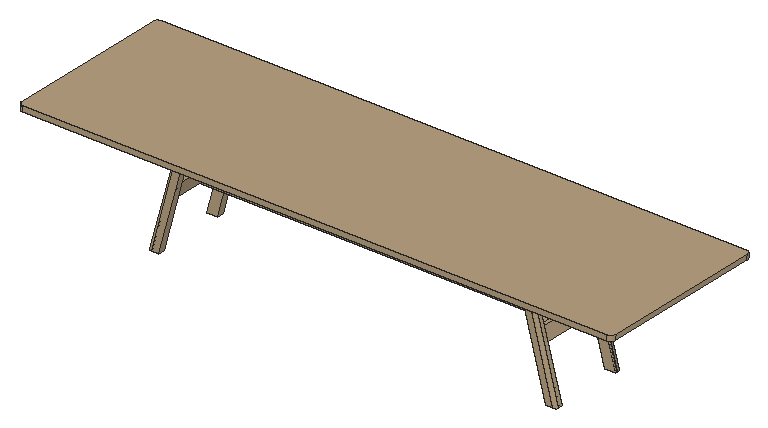
Revit family "Kant_Tables_BIM", category Arredi, Revit 2023
Family settings
  Numero OmniClass = 23.40.20.00
  Titolo OmniClass = General Furniture and Specialties
  Basato su piano di lavoro = No
  Attiva taglio nelle viste = No
  Sempre verticale = Sì
  Taglio con vuoti quando caricato = No
  Origine composizione di rendering = Geometria famiglia
  Condiviso = No
  Punto di calcolo locali = No
Parameters (values of type "CB-396")
  WIDTH = 3658 mm
  V-LEG OFFSET = 415 mm
  URL = "https://bassamfellows.com/"
  TECHNICAL SHEET = "https://bassamfellows.com/collections/kant-table"
  STRUCTURE MATERIAL = BASSAM_FELLOWS_OAK_O-NA
  PRODUCT SHEET = "https://www.archiproducts.com/en/products/bassamfellows/rectangular-solid-wood-counter-table-kant-counter-table_448122"
  PRODUCT CODE = "CB-396"
  Modello = "Kant Table 12 Seater"
  Produttore = "BassamFellows"
  MATERIAL DESCRIPTION = "Solid wood plank top with carved, solid wood base."  # constant formula
  HEIGHT = 720 mm
  FEET WIDTH (center) = 1124 mm
  Descrizione = "Rectangular solid wood table"
  Prospetto di default = 0 mm
  DEPTH = 1067 mm
  COLLECTION = "Kant"
  BIM USER MANUAL = "https://bimcad.edilportale.com/BASSAMFELLOWS-BIM-USER-MANUAL-BassamFellows-bim.pdf"
  BIM BADGE = "https://bim.archiproducts.com/it/badge/bim-archiproducts-featured_658700/about"
  BIM AUTHOR = "https://bim.archiproducts.com/"
  AVAILABLE FINISHES = "Ebonized black lacquer on Ash (EB) or bleached, white pigment, matte acrylic on Ash (BL). Raw effect lacquer on Oak (RE). Hand rubbed natural oil on Oak or Walnut (NA), or hand rubbed black oil on Walnut (BO)."  # constant formula
  AVAILABLE DIMENSIONS = ""
  ACCESSORIES = ""
  90H = no
  70H = yes
  N396 = no
  396 = yes
Types (6, lengths in mm): name | WIDTH | PRODUCT CODE | Modello | HEIGHT | FEET WIDTH (center) | DEPTH | 90H | 70H | N396 | 396
  CB-396 | 3658 | "CB-396" | "Kant Table 12 Seater" | 720 | 1124 | 1067 | no | yes | no | yes
  CB-395 | 2800 | "CB-395" | "Kant Table 10 Seater" | 720 | 950 | 1015 | no | yes | yes | no
  CB-394 | 2440 | "CB-394" | "Kant Table 8 Seater" | 720 | 700 | 1015 | no | yes | yes | no
  CB-393 | 2135 | "CB-393" | "Kant Table 6-8 Seater" | 720 | 570 | 915 | no | yes | yes | no
  CB-392 | 1830 | "CB-392" | "Kant Table 6 Seater" | 720 | 630 | 915 | no | yes | yes | no
  CB-393-90H | 2135 | "CB-393-90H" | "Kant Counter Table" | 900 | 570 | 915 | yes | no | no | no
Reference planes
  plane 1 "Center (Front/Back)": y = 0
  plane 2: z = 0
  plane 3 "Center (Left/Right)": x = 0
  plane 4 "TOP": z = 720
  plane 5: x = -1829
  plane 6: x = 1829
  plane 7: y = 533.5
  plane 8: y = -533.5
  plane 9 "INT1": y = -283.5
  plane 10 "INT2": y = 283.5
  plane 11 "FEET_SX": x = -1124
  plane 12 "FEET_DX": x = 1124
  plane 13: y = 207.5
  plane 14: y = -207.5
Forms (mm)
  Extrusion 1, solid, material "BASSAM_FELLOWS_OAK_O-NA", visible <- "70H", detail levels fine
    sketch origin (0, 0, 720) x (-1, 0, 0) y (0, -1, 0)
      loop
        arc (1799, -533.5) -> (1820.213, -524.713) -> (1829, -503.5) r 30
        line (1829, -503.5) -> (1829, 503.5)
        arc (1829, 503.5) -> (1820.213, 524.713) -> (1799, 533.5) r 30
        line (1799, 533.5) -> (-1799, 533.5)
        arc (-1799, 533.5) -> (-1820.213, 524.713) -> (-1829, 503.5) r 30
        line (-1829, 503.5) -> (-1829, -503.5)
        arc (-1829, -503.5) -> (-1820.213, -524.713) -> (-1799, -533.5) r 30
        line (-1799, -533.5) -> (1799, -533.5)
    from 0 to -29.925
  Extrusion 2, solid, not visible
    sketch origin (314.943, -207.5, 0) x (-1, 0, 0) y (0, 0, 1)
      loop
        line (794.943, 399) -> (819.091, 310) -> (863.645, 310) -> (842.502, 387.928)
        arc (842.502, 387.928) -> (837.138, 395.915) -> (828.025, 399) r 15
        line (828.025, 399) -> (794.943, 399)
    from 0 to 415
  Blend 3, solid, material "BASSAM_FELLOWS_OAK_O-NA" <- "STRUCTURE MATERIAL", visible <- "70H", detail levels fine
    base sketch origin (-694.136, 0, -5.517) x (1, 0, 0.000401) y (0, 1, 0)
      loop
        line (-496.501, -245.5) -> (-496.501, -207.5) -> (-562.246, -207.5) -> (-562.246, -225.5)
        arc (-562.246, -225.5) -> (-556.388, -239.642) -> (-542.246, -245.5) r 20
        line (-542.246, -245.5) -> (-496.501, -245.5)
    top sketch origin (-694.136, 0, -5.517) x (1, 0, 0.000401) y (0, 1, 0)
      loop
        arc (-374.739, -225.5) -> (-368.881, -239.642) -> (-354.739, -245.5) r 20
        line (-354.739, -245.5) -> (-308.994, -245.5) -> (-308.994, -207.5) -> (-374.739, -207.5) -> (-374.739, -225.5)
    from 0 to 695.202
  Blend 4, solid, material "BASSAM_FELLOWS_OAK_O-NA" <- "STRUCTURE MATERIAL", visible <- "70H", detail levels fine
    base sketch origin (-694.136, 0, -5.517) x (1, 0, 0.000401) y (0, 1, 0)
      loop
        line (-496.501, 245.5) -> (-542.246, 245.5)
        arc (-542.246, 245.5) -> (-556.388, 239.642) -> (-562.246, 225.5) r 20
        line (-562.246, 225.5) -> (-562.246, 207.5) -> (-496.501, 207.5) -> (-496.501, 245.5)
    top sketch origin (-694.136, 0, -5.517) x (1, 0, 0.000401) y (0, 1, 0)
      loop
        line (-374.739, 225.5) -> (-374.739, 207.5) -> (-308.994, 207.5) -> (-308.994, 245.5) -> (-354.739, 245.5)
        arc (-354.739, 245.5) -> (-368.881, 239.642) -> (-374.739, 225.5) r 20
    from 0 to 695.202
  Blend 5, solid, material "BASSAM_FELLOWS_OAK_O-NA" <- "STRUCTURE MATERIAL", visible <- "70H", not visible, detail levels fine
    base sketch origin (694.136, 0, -5.191) x (-1, 0, 0.000401) y (0, -1, 0)
      loop
        line (1160.772, 245.5) -> (1160.772, 207.5) -> (1226.518, 207.5) -> (1226.518, 225.5)
        arc (1226.518, 225.5) -> (1220.66, 239.642) -> (1206.518, 245.5) r 20
        line (1206.518, 245.5) -> (1160.772, 245.5)
    top sketch origin (694.136, 0, -5.191) x (-1, 0, 0.000401) y (0, -1, 0)
      loop
        arc (1039.011, 225.5) -> (1033.153, 239.642) -> (1019.011, 245.5) r 20
        line (1019.011, 245.5) -> (973.265, 245.5) -> (973.265, 207.5) -> (1039.011, 207.5) -> (1039.011, 225.5)
    from 0 to 695.202
  Blend 6, solid, material "BASSAM_FELLOWS_OAK_O-NA" <- "STRUCTURE MATERIAL", visible <- "70H", not visible, detail levels fine
    base sketch origin (694.136, 0, -5.191) x (-1, 0, 0.000401) y (0, -1, 0)
      loop
        line (1160.772, -245.5) -> (1206.518, -245.5)
        arc (1206.518, -245.5) -> (1220.66, -239.642) -> (1226.518, -225.5) r 20
        line (1226.518, -225.5) -> (1226.518, -207.5) -> (1160.772, -207.5) -> (1160.772, -245.5)
    top sketch origin (694.136, 0, -5.191) x (-1, 0, 0.000401) y (0, -1, 0)
      loop
        line (1039.011, -225.5) -> (1039.011, -207.5) -> (973.265, -207.5) -> (973.265, -245.5) -> (1019.011, -245.5)
        arc (1019.011, -245.5) -> (1033.153, -239.642) -> (1039.011, -225.5) r 20
    from 0 to 695.202
  Blend 7, solid, material "BASSAM_FELLOWS_OAK_O-NA" <- "STRUCTURE MATERIAL", visible <- "70H", not visible, detail levels fine
    base sketch origin (694.136, 0, -5.191) x (-1, 0, 0.000401) y (0, -1, 0)
      loop
        line (1160.772, 245.5) -> (1160.772, 207.5) -> (1226.518, 207.5) -> (1226.518, 225.516)
        arc (1226.518, 225.516) -> (1220.654, 239.648) -> (1206.518, 245.5) r 20
        line (1206.518, 245.5) -> (1160.772, 245.5)
    top sketch origin (694.136, 0, -5.191) x (-1, 0, 0.000401) y (0, -1, 0)
      loop
        arc (1039.011, 225.516) -> (1033.147, 239.648) -> (1019.011, 245.5) r 20
        line (1019.011, 245.5) -> (973.265, 245.5) -> (973.265, 207.5) -> (1039.011, 207.5) -> (1039.011, 225.516)
    from 0 to 695.202
  Blend 8, solid, material "BASSAM_FELLOWS_OAK_O-NA" <- "STRUCTURE MATERIAL", visible <- "70H", not visible, detail levels fine
    base sketch origin (694.136, 0, -5.191) x (-1, 0, 0.000401) y (0, -1, 0)
      loop
        line (1160.772, -245.5) -> (1206.518, -245.5)
        arc (1206.518, -245.5) -> (1220.666, -239.636) -> (1226.518, -225.484) r 20
        line (1226.518, -225.484) -> (1226.518, -207.5) -> (1160.772, -207.5) -> (1160.772, -245.5)
    top sketch origin (694.136, 0, -5.191) x (-1, 0, 0.000401) y (0, -1, 0)
      loop
        line (1039.011, -225.484) -> (1039.011, -207.5) -> (973.265, -207.5) -> (973.265, -245.5) -> (1019.011, -245.5)
        arc (1019.011, -245.5) -> (1033.158, -239.636) -> (1039.011, -225.484) r 20
    from 0 to 695.202
  Blend 9, solid, material "BASSAM_FELLOWS_OAK_O-NA" <- "STRUCTURE MATERIAL", visible <- "70H", detail levels fine
    base sketch origin (694.136, 0, -5.191) x (-1, 0, 0.000401) y (0, -1, 0)
      loop
        line (-496.501, 245.5) -> (-542.246, 245.5)
        arc (-542.246, 245.5) -> (-556.388, 239.642) -> (-562.246, 225.5) r 20
        line (-562.246, 225.5) -> (-562.246, 207.5) -> (-496.501, 207.5) -> (-496.501, 245.5)
    top sketch origin (694.136, 0, -5.191) x (-1, 0, 0.000401) y (0, -1, 0)
      loop
        line (-374.739, 225.5) -> (-374.739, 207.5) -> (-308.994, 207.5) -> (-308.994, 245.5) -> (-354.739, 245.5)
        arc (-354.739, 245.5) -> (-368.881, 239.642) -> (-374.739, 225.5) r 20
    from 0 to 695.202
  Blend 10, solid, material "BASSAM_FELLOWS_OAK_O-NA" <- "STRUCTURE MATERIAL", visible <- "70H", detail levels fine
    base sketch origin (694.136, 0, -5.191) x (-1, 0, 0.000401) y (0, -1, 0)
      loop
        line (-496.501, -245.5) -> (-496.501, -207.5) -> (-562.246, -207.5) -> (-562.246, -225.5)
        arc (-562.246, -225.5) -> (-556.388, -239.642) -> (-542.246, -245.5) r 20
        line (-542.246, -245.5) -> (-496.501, -245.5)
    top sketch origin (694.136, 0, -5.191) x (-1, 0, 0.000401) y (0, -1, 0)
      loop
        arc (-374.739, -225.5) -> (-368.881, -239.642) -> (-354.739, -245.5) r 20
        line (-354.739, -245.5) -> (-308.994, -245.5) -> (-308.994, -207.5) -> (-374.739, -207.5) -> (-374.739, -225.5)
    from 0 to 695.202
  Extrusion 11, solid, material "BASSAM_FELLOWS_OAK_O-NA", visible <- "70H", detail levels fine
    sketch origin (-1124, 0, 0) x (0, 1, 0) y (0, 0, 1)
      loop
        line (19, 398.709) -> (-19, 398.709) -> (-19, 309.709) -> (19, 309.709) -> (19, 398.709)
    from 0 to 2248
  Extrusion 12, solid, material "BASSAM_FELLOWS_OAK_O-NA", visible <- "70H", detail levels fine
    sketch origin (-3120.648, -207.5, 1200) x (-1, 0, 0) y (0, 0, 1)
      loop
        line (-1394.21, -506) -> (-4847.085, -506) -> (-4847.085, -532.477)
        arc (-4847.085, -532.477) -> (-4843.599, -541.368) -> (-4834.998, -545.52) r 13.081
        line (-4834.998, -545.52) -> (-4244.648, -576) -> (-1996.648, -576) -> (-1405.663, -545.471)
        arc (-1405.663, -545.471) -> (-1397.513, -541.538) -> (-1394.21, -533.113) r 12.394
        line (-1394.21, -533.113) -> (-1394.21, -506)
    from 0 to 30
  Extrusion 13, solid, material "BASSAM_FELLOWS_OAK_O-NA", visible <- "70H", detail levels fine
    sketch origin (-3120.648, 207.5, 1200) x (-1, 0, 0) y (0, 0, 1)
      loop
        line (-1394.21, -506) -> (-4847.085, -506) -> (-4847.085, -532.477)
        arc (-4847.085, -532.477) -> (-4843.599, -541.368) -> (-4834.998, -545.52) r 13.081
        line (-4834.998, -545.52) -> (-4244.648, -576) -> (-1996.648, -576) -> (-1405.663, -545.471)
        arc (-1405.663, -545.471) -> (-1397.513, -541.538) -> (-1394.21, -533.113) r 12.394
        line (-1394.21, -533.113) -> (-1394.21, -506)
    from 0 to -30
  Extrusion 14, solid, material "BASSAM_FELLOWS_OAK_O-NA", visible <- "N396", detail levels fine
    sketch origin (0, 0, 0) x (0, 1, 0) y (0, 0, 1)
      loop
        line (177.5, 654.529) -> (0, 403.767) -> (-177.5, 654.529) -> (-207.5, 654.529) -> (0, 349.063) -> (207.5, 654.529) -> (177.5, 654.529)
    from -15 to 15
  Extrusion 15, solid, detail levels medium
    sketch origin (0, 0, 0) x (1, 0, 0) y (0, 1, 0)
      loop
        line (-1829, 533.5) -> (-1829, -533.5) -> (1829, -533.5) -> (1829, 533.5) -> (-1829, 533.5)
    from 0 to 720
  Extrusion 16, solid, material "BASSAM_FELLOWS_OAK_O-NA", visible <- "396", detail levels fine
    sketch origin (0, 0, 0) x (0, 1, 0) y (0, 0, 1)
      loop
        line (177.5, 654.529) -> (0, 403.767) -> (-177.5, 654.529) -> (-207.5, 654.529) -> (0, 349.063) -> (207.5, 654.529) -> (177.5, 654.529)
    from 359.213 to 397.313
  Extrusion 17, solid, material "BASSAM_FELLOWS_OAK_O-NA", visible <- "396", detail levels fine
    sketch origin (0, 0, 0) x (0, 1, 0) y (0, 0, -1)
      loop
        line (177.5, -654.529) -> (207.5, -654.529) -> (0, -349.063) -> (-207.5, -654.529) -> (-177.5, -654.529) -> (0, -403.767) -> (177.5, -654.529)
    from 359.213 to 397.313
Lines and regions (mm)
  symbolic lines, detail levels coarse
    curve 1: line (0, 533.5, 720) -> (0, -533.5, 720)
    curve 2: line (0, 533.5, 660) -> (0, 533.5, 720)
    curve 3: line (0, -533.5, 660) -> (0, 533.5, 660)
    curve 4: line (0, -533.5, 720) -> (0, -533.5, 660)
    curve 5: line (0, 355.125, 660) -> (0, 355.125, 0)
    curve 6: line (0, 355.125, 0) -> (0, -355.253, 0)
    curve 7: line (0, -355.253, 0) -> (0, -355.253, 660)
    curve 8: line (-1829, 533.5, 0) -> (1829, 533.5, 0)
    curve 9: line (-1829, -533.5, 0) -> (-1829, 533.5, 0)
    curve 10: line (1829, -533.5, 0) -> (-1829, -533.5, 0)
    curve 11: line (1829, 533.5, 0) -> (1829, -533.5, 0)
    curve 12: line (-1829, 533.5, 720) -> (1829, 533.5, 720)
    curve 13: line (-1829, -533.5, 720) -> (-1829, 533.5, 720)
    curve 14: line (1829, -533.5, 720) -> (-1829, -533.5, 720)
    curve 15: line (1829, 533.5, 720) -> (1829, -533.5, 720)
Dimensions and locks
  "HEIGHT": plane 4 "TOP" to plane 2
  equal spacing: plane 5, plane 3 "Center (Left/Right)", plane 6
  equal spacing: plane 7, plane 1 "Center (Front/Back)", plane 8
  "DEPTH": plane 7 to plane 8
  "WIDTH": plane 5 to plane 6
  locked: plane 7 to plane 10 "INT2" at 250
  locked: plane 8 to plane 9 "INT1" at 250
  "FEET WIDTH (center)": plane 11 "FEET_SX" to plane 3 "Center (Left/Right)"
  "FEET WIDTH (center)": plane 3 "Center (Left/Right)" to plane 12 "FEET_DX"
  equal spacing: plane 13, plane 1 "Center (Front/Back)", plane 14
  "V-LEG OFFSET": plane 13 to plane 14
  aligned and locked: level to plane 2
  aligned and locked: curve 8 to Extrusion 1 sketch curve
  aligned and locked: curve 9 to Extrusion 1 sketch curve
  aligned and locked: curve 10 to Extrusion 1 sketch curve
  aligned and locked: curve 11 to Extrusion 1 sketch curve
  aligned and locked: plane 1 "Center (Front/Back)" to nested 1
  aligned and locked: Blend 3 sketch curve to var sketch
  aligned and locked: Blend 4 sketch curve to var sketch
  aligned and locked: var sketch to Blend 5 sketch curve
  aligned and locked: var sketch to Blend 6 sketch curve
  aligned and locked: var sketch to Blend 7 sketch curve
  aligned and locked: var sketch to Blend 8 sketch curve
  aligned and locked: Blend 9 sketch curve to var sketch
  aligned and locked: Blend 10 sketch curve to var sketch
  aligned and locked: plane 11 "FEET_SX" to nested 1
  aligned and locked: plane 12 "FEET_DX" to nested 3
  aligned and locked: Extrusion 11 to nested 1
  aligned and locked: Extrusion 11 to plane 12 "FEET_DX"
  aligned and locked: Extrusion 15 sketch curve to curve 8
  aligned and locked: Extrusion 15 sketch curve to curve 9
  aligned and locked: Extrusion 15 sketch curve to curve 10
  aligned and locked: Extrusion 15 sketch curve to curve 11
  aligned and locked: Extrusion 15 to plane 4 "TOP"
  aligned and locked: plane 1 "Center (Front/Back)" to nested 4
  aligned and locked: plane 4 "TOP" to nested 4
  aligned and locked: Extrusion 12 to Extrusion 14 sketch curve
  aligned and locked: Extrusion 14 sketch curve to Extrusion 12
  aligned and locked: Extrusion 13 to Extrusion 14 sketch curve
  aligned and locked: Extrusion 14 sketch curve to Extrusion 13
  aligned and locked: plane 4 "TOP" to curve 1
  aligned and locked: plane 7 to curve 2
  aligned and locked: plane 8 to curve 4
Automatic sketch dimensions
  Extrusion 2 sketch curve to Extrusion 2 sketch curve = 24.147 mm
  Extrusion 2 sketch curve to Extrusion 2 sketch curve = 33.082 mm
  Extrusion 2 sketch curve to Extrusion 2 sketch curve = 14.477 mm
  Extrusion 2 sketch curve to Extrusion 2 sketch curve = 44.555 mm
  Extrusion 2 sketch curve to Extrusion 2 sketch curve = 74 mm
  Extrusion 2 sketch curve to Extrusion 2 sketch curve = 3.928 mm
  Blend 3 sketch curve to Blend 3 sketch curve = 20 mm  (x2)
  Blend 3 sketch curve to Blend 3 sketch curve = 45.746 mm  (x2)
  Blend 4 sketch curve to Blend 4 sketch curve = 20 mm  (x2)
  Blend 4 sketch curve to Blend 4 sketch curve = 45.746 mm  (x2)
  Blend 3 sketch curve to Blend 3 sketch curve = 18 mm
  Blend 3 sketch curve to Blend 3 sketch curve = 38 mm
  Blend 4 sketch curve to Blend 4 sketch curve = 18 mm
  Blend 4 sketch curve to Blend 4 sketch curve = 38 mm
  Blend 5 sketch curve to Blend 5 sketch curve = 20 mm  (x2)
  Blend 5 sketch curve to Blend 5 sketch curve = 45.746 mm  (x2)
  Blend 6 sketch curve to Blend 6 sketch curve = 20 mm  (x2)
  Blend 6 sketch curve to Blend 6 sketch curve = 45.746 mm  (x2)
  Blend 5 sketch curve to Blend 5 sketch curve = 18 mm
  Blend 5 sketch curve to Blend 5 sketch curve = 38 mm
  Blend 6 sketch curve to Blend 6 sketch curve = 18 mm
  Blend 6 sketch curve to Blend 6 sketch curve = 38 mm
  Blend 7 sketch curve to Blend 7 sketch curve = 20 mm  (x2)
  Blend 7 sketch curve to Blend 7 sketch curve = 45.746 mm  (x2)
  Blend 8 sketch curve to Blend 8 sketch curve = 20 mm  (x2)
  Blend 8 sketch curve to Blend 8 sketch curve = 45.746 mm  (x2)
  Blend 7 sketch curve to Blend 7 sketch curve = 18.016 mm
  Blend 7 sketch curve to Blend 7 sketch curve = 38 mm
  Blend 8 sketch curve to Blend 8 sketch curve = 18 mm
  Blend 8 sketch curve to Blend 8 sketch curve = 38 mm
  Blend 9 sketch curve to Blend 9 sketch curve = 20 mm  (x2)
  Blend 9 sketch curve to Blend 9 sketch curve = 45.746 mm  (x2)
  Blend 10 sketch curve to Blend 10 sketch curve = 20 mm  (x2)
  Blend 10 sketch curve to Blend 10 sketch curve = 45.746 mm  (x2)
  Blend 9 sketch curve to Blend 9 sketch curve = 18 mm
  Blend 9 sketch curve to Blend 9 sketch curve = 38 mm
  Blend 10 sketch curve to Blend 10 sketch curve = 18 mm
  Blend 10 sketch curve to Blend 10 sketch curve = 38 mm
  curve 10 to plane 5 = 0 mm
  curve 10 to plane 6 = 0 mm
  curve 10 to plane 8 = 0 mm
  curve 9 to plane 7 = 0 mm
  curve 6 to level = 0 mm
  curve 6 to plane 9 "INT1" = 71.753 mm
  curve 5 to plane 10 "INT2" = 71.625 mm
  curve 3 to plane 4 "TOP" = 60 mm
  Extrusion 1 sketch curve to plane 6 = 30 mm  (x2)
  Extrusion 1 sketch curve to Extrusion 1 sketch curve = 30 mm  (x2)
  plane 1 "Center (Front/Back)" to Extrusion 11 sketch curve = 19 mm
  Extrusion 11 sketch curve to plane 1 "Center (Front/Back)" = 19 mm
  level to Extrusion 11 sketch curve = 309.709 mm
  Extrusion 11 sketch curve to Extrusion 11 sketch curve = 89 mm
  plane 12 "FEET_DX" to Extrusion 12 sketch curve = 0 mm
  Extrusion 12 sketch curve to plane 11 "FEET_SX" = 0 mm
  Extrusion 12 sketch curve to plane 4 "TOP" = 52.477 mm
  Extrusion 12 sketch curve to plane 6 = 115.643 mm
  Extrusion 12 sketch curve to Extrusion 12 sketch curve = 0.993 mm
  Extrusion 12 sketch curve to Extrusion 12 sketch curve = 13.081 mm
  Extrusion 12 sketch curve to plane 4 "TOP" = 53.113 mm
  plane 5 to Extrusion 12 sketch curve = 114.956 mm
  Extrusion 12 sketch curve to Extrusion 12 sketch curve = 0.941 mm
  Extrusion 12 sketch curve to Extrusion 12 sketch curve = 12.394 mm
  Extrusion 12 sketch curve to plane 4 "TOP" = 96 mm
  Extrusion 12 sketch curve to plane 4 "TOP" = 26 mm
  plane 12 "FEET_DX" to Extrusion 13 sketch curve = 0 mm
  Extrusion 13 sketch curve to plane 11 "FEET_SX" = 0 mm
  Extrusion 13 sketch curve to plane 4 "TOP" = 52.477 mm
  Extrusion 13 sketch curve to plane 6 = 115.643 mm
  Extrusion 13 sketch curve to Extrusion 13 sketch curve = 0.993 mm
  Extrusion 13 sketch curve to Extrusion 13 sketch curve = 13.081 mm
  Extrusion 13 sketch curve to plane 4 "TOP" = 53.113 mm
  plane 5 to Extrusion 13 sketch curve = 114.956 mm
  Extrusion 13 sketch curve to Extrusion 13 sketch curve = 0.941 mm
  Extrusion 13 sketch curve to Extrusion 13 sketch curve = 12.394 mm
  Extrusion 13 sketch curve to plane 4 "TOP" = 96 mm
  Extrusion 13 sketch curve to plane 4 "TOP" = 26 mm
  Extrusion 14 sketch curve to plane 14 = 0 mm
  Extrusion 14 sketch curve to plane 1 "Center (Front/Back)" = 0 mm  (x2)
  Extrusion 14 sketch curve to plane 13 = 0 mm
  Extrusion 14 sketch curve to Extrusion 14 sketch curve = 30 mm
  Extrusion 14 sketch curve to plane 13 = 30 mm
  Extrusion 14 sketch curve to Extrusion 14 sketch curve = 250.762 mm
  Extrusion 14 sketch curve to Extrusion 14 sketch curve = 54.704 mm
  curve 12 to plane 6 = 0 mm
  curve 14 to plane 5 = 0 mm
  plane 7 to curve 12 = 0 mm
  curve 14 to plane 8 = 0 mm
  Extrusion 16 sketch curve to plane 14 = 0 mm
  Extrusion 16 sketch curve to plane 1 "Center (Front/Back)" = 0 mm  (x2)
  Extrusion 16 sketch curve to plane 13 = 0 mm
  Extrusion 16 sketch curve to Extrusion 16 sketch curve = 30 mm
  Extrusion 16 sketch curve to plane 13 = 30 mm
  level to Extrusion 16 sketch curve = 349.063 mm
  Extrusion 16 sketch curve to Extrusion 16 sketch curve = 54.704 mm
  Extrusion 16 sketch curve to plane 4 "TOP" = 65.471 mm  (x2)
  Extrusion 17 sketch curve to plane 14 = 0 mm
  Extrusion 17 sketch curve to plane 1 "Center (Front/Back)" = 0 mm  (x2)
  Extrusion 17 sketch curve to plane 13 = 0 mm
  Extrusion 17 sketch curve to Extrusion 17 sketch curve = 30 mm
  Extrusion 17 sketch curve to plane 13 = 30 mm
  Extrusion 17 sketch curve to plane 4 "TOP" = 65.471 mm  (x2)
  Extrusion 17 sketch curve to Extrusion 17 sketch curve = 250.762 mm
  Extrusion 17 sketch curve to Extrusion 17 sketch curve = 54.704 mm
Nested families
  nested 1: "Family1" at (-1124, 0, -0.326), visible <- "70H", MATERIAL <- "STRUCTURE MATERIAL", type "Family1", detail levels fine
    with MATERIAL BASSAM_FELLOWS_OAK_O-NA, L 415 mm
  nested 2: "Family1" at (-400, 0, 0), visible <- "70H", MATERIAL <- "STRUCTURE MATERIAL", type "Family1", not visible, detail levels fine
    with MATERIAL BASSAM_FELLOWS_OAK_O-NA, L 415 mm
  nested 3: "Family1" at (1124, 0, 0) x (-1, 0, 0) z (0, 0, 1), visible <- "70H", MATERIAL <- "STRUCTURE MATERIAL", type "Family1", detail levels fine
    with MATERIAL BASSAM_FELLOWS_OAK_O-NA, L 415 mm
  nested 4: "90H" at (0, 0, -180), visible <- "90H", V-LEG OFFSET <- "V-LEG OFFSET", STRUCTURE MATERIAL <- "STRUCTURE MATERIAL", type "392", detail levels fine
    with V-LEG OFFSET 415 mm
Definition of nested family "Family1"
  Parameters (values of type "Family1")
    MATERIAL [instance] = none
    L [instance] = 415 mm
    Default Elevation = 0 mm
  Reference planes
    plane 1 "Center (Front/Back)": y = 0
    plane 2: z = 0
    plane 3 "Center (Left/Right)": x = 0
    plane 4: y = 207.5
    plane 5: y = -207.5
  Forms (mm)
    Extrusion 1, solid, material <- "MATERIAL"
      sketch origin (828.025, -207.5, 0) x (-1, 0, 0) y (0, 0, 1)
        loop
          line (794.943, 399) -> (819.091, 310) -> (863.645, 310) -> (842.502, 387.928)
          arc (842.502, 387.928) -> (837.138, 395.915) -> (828.025, 399) r 15
          line (828.025, 399) -> (794.943, 399)
      from 0 to 415
  Dimensions and locks
    "L": plane 4 to plane 5
    aligned and locked: level to plane 2
  Automatic sketch dimensions
    Extrusion 1 sketch curve to plane 3 "Center (Left/Right)" = 0 mm
    plane 3 "Center (Left/Right)" to Extrusion 1 sketch curve = 8.935 mm
    plane 3 "Center (Left/Right)" to Extrusion 1 sketch curve = 33.082 mm
    Extrusion 1 sketch curve to plane 3 "Center (Left/Right)" = 14.477 mm
    Extrusion 1 sketch curve to plane 3 "Center (Left/Right)" = 35.62 mm
    level to Extrusion 1 sketch curve = 310 mm
    Extrusion 1 sketch curve to Extrusion 1 sketch curve = 74 mm
    Extrusion 1 sketch curve to Extrusion 1 sketch curve = 3.928 mm
Definition of nested family "90H"
  Parameters (values of type "394")
    WIDTH = 2440 mm
    WEIGHT = 0.00 kg
    V-LEG OFFSET [instance] = 415 mm
    URL = "https://bassamfellows.com/"
    TECHNICAL SHEET = "https://bassamfellows.com/collections/kant-table"
    STRUCTURE MATERIAL [instance] = none
    PRODUCT SHEET = "https://www.archiproducts.com/en/products/bassamfellows/rectangular-solid-wood-counter-table-kant-counter-table_448122"
    PRODUCT CODE = "CB-394"
    Model = "TABLE"
    Manufacturer = "Bassam Fellows"
    MATERIAL DESCRIPTION = "Frame: Multilayered plywood inner frame. Upholstery: Multilayered plywood inner frame; seat support with a combination of foam and memory foam; arm, back and seat cushions in fiber, feather, and down."
    HEIGHT = 900 mm
    FEET WIDTH (center) = 700 mm
    Description = "Rectangular wood coffee table with metal base"
    Default Elevation = 0 mm
    DEPTH = 1015 mm
    COLLECTION = "KANT"
    BIM USER MANUAL = "https://bimcad.edilportale.com/BASSAMFELLOWS-BIM-USER-MANUAL-BassamFellows-bim.pdf"
    BIM BADGE = "https://bim.archiproducts.com/it/badge/bim-archiproducts-featured_658700/about"
    BIM AUTHOR = "https://bim.archiproducts.com/"
    AVAILABLE FINISHES = "Ebonized black lacquer on Ash (EB) or bleached, white pigment, matte acrylic on Ash (BL). Raw effect lacquer on Oak (RE). Natural lacquer on Oak or Walnut (NA)."
    AVAILABLE DIMENSIONS = ""
    AVAILABLE COLORS = ""
    ACCESSORIES = ""
  Types (5, lengths in mm): name | WIDTH | V-LEG OFFSET | PRODUCT CODE | HEIGHT | FEET WIDTH (center) | DEPTH
    392 | 2440 | 352 | "CB-394" | 900 | 700 | 1015
    393 | 2135 | 352 | "CB-393" | 720 | 570 | 915
    394 | 2440 | 415 | "CB-394" | 900 | 700 | 1015
    395 | 2800 | 352 | "CB-395" | 720 | 950 | 1015
    396 | 3660 | 352 | "CB-395" | 720 | 1400 | 1067
  Reference planes
    plane 1 "Center (Front/Back)": y = 0
    plane 2: z = 0
    plane 3 "Center (Left/Right)": x = 0
    plane 4 "TOP": z = 900
    plane 5: x = -1220
    plane 6: x = 1220
    plane 7: y = 507.5
    plane 8: y = -507.5
    plane 9 "INT1": y = -257.5
    plane 10 "INT2": y = 257.5
    plane 11 "FEET_SX": x = -700
    plane 12 "FEET_DX": x = 700
    plane 13: y = 207.5
    plane 14: y = -207.5
  Forms (mm)
    Extrusion 1, solid, material <- "STRUCTURE MATERIAL", detail levels fine
      sketch origin (0, 0, 900) x (-1, 0, 0) y (0, -1, 0)
        loop
          arc (1190, -507.5) -> (1211.213, -498.713) -> (1220, -477.5) r 30
          line (1220, -477.5) -> (1220, 477.5)
          arc (1220, 477.5) -> (1211.213, 498.713) -> (1190, 507.5) r 30
          line (1190, 507.5) -> (-1190, 507.5)
          arc (-1190, 507.5) -> (-1211.213, 498.713) -> (-1220, 477.5) r 30
          line (-1220, 477.5) -> (-1220, -477.5)
          arc (-1220, -477.5) -> (-1211.213, -498.713) -> (-1190, -507.5) r 30
          line (-1190, -507.5) -> (1190, -507.5)
      from 0 to -29.925
    Extrusion 2, solid, not visible
      sketch origin (314.943, -207.5, 0) x (-1, 0, 0) y (0, 0, 1)
        loop
          line (794.943, 399) -> (819.091, 310) -> (863.645, 310) -> (842.502, 387.928)
          arc (842.502, 387.928) -> (837.138, 395.915) -> (828.025, 399) r 15
          line (828.025, 399) -> (794.943, 399)
      from 0 to 415
    Blend 3, solid, material <- "STRUCTURE MATERIAL", detail levels fine
      base sketch origin (-270.136, 0, -5.517) x (1, 0, 0.000401) y (0, 1, 0)
        loop
          line (-496.501, -245.5) -> (-496.501, -207.5) -> (-562.246, -207.5) -> (-562.246, -225.5)
          arc (-562.246, -225.5) -> (-556.388, -239.642) -> (-542.246, -245.5) r 20
          line (-542.246, -245.5) -> (-496.501, -245.5)
      top sketch origin (-270.136, 0, -5.517) x (1, 0, 0.000401) y (0, 1, 0)
        loop
          arc (-374.739, -225.5) -> (-368.881, -239.642) -> (-354.739, -245.5) r 20
          line (-354.739, -245.5) -> (-308.994, -245.5) -> (-308.994, -207.5) -> (-374.739, -207.5) -> (-374.739, -225.5)
      from 0 to 895.729
    Blend 4, solid, material <- "STRUCTURE MATERIAL", detail levels fine
      base sketch origin (-270.136, 0, -5.517) x (1, 0, 0.000401) y (0, 1, 0)
        loop
          line (-496.501, 245.5) -> (-542.246, 245.5)
          arc (-542.246, 245.5) -> (-556.388, 239.642) -> (-562.246, 225.5) r 20
          line (-562.246, 225.5) -> (-562.246, 207.5) -> (-496.501, 207.5) -> (-496.501, 245.5)
      top sketch origin (-270.136, 0, -5.517) x (1, 0, 0.000401) y (0, 1, 0)
        loop
          line (-374.739, 225.5) -> (-374.739, 207.5) -> (-308.994, 207.5) -> (-308.994, 245.5) -> (-354.739, 245.5)
          arc (-354.739, 245.5) -> (-368.881, 239.642) -> (-374.739, 225.5) r 20
      from 0 to 895.729
    Blend 5, solid, not visible, detail levels fine
      base sketch origin (270.136, 0, -5.191) x (-1, 0, 0.000401) y (0, -1, 0)
        loop
          line (736.772, 245.5) -> (736.772, 207.5) -> (802.518, 207.5) -> (802.518, 225.5)
          arc (802.518, 225.5) -> (796.66, 239.642) -> (782.518, 245.5) r 20
          line (782.518, 245.5) -> (736.772, 245.5)
      top sketch origin (270.136, 0, -5.191) x (-1, 0, 0.000401) y (0, -1, 0)
        loop
          arc (615.011, 225.5) -> (609.153, 239.642) -> (595.011, 245.5) r 20
          line (595.011, 245.5) -> (549.265, 245.5) -> (549.265, 207.5) -> (615.011, 207.5) -> (615.011, 225.5)
      from 0 to 695.202
    Blend 6, solid, not visible, detail levels fine
      base sketch origin (270.136, 0, -5.191) x (-1, 0, 0.000401) y (0, -1, 0)
        loop
          line (736.772, -245.5) -> (782.518, -245.5)
          arc (782.518, -245.5) -> (796.66, -239.642) -> (802.518, -225.5) r 20
          line (802.518, -225.5) -> (802.518, -207.5) -> (736.772, -207.5) -> (736.772, -245.5)
      top sketch origin (270.136, 0, -5.191) x (-1, 0, 0.000401) y (0, -1, 0)
        loop
          line (615.011, -225.5) -> (615.011, -207.5) -> (549.265, -207.5) -> (549.265, -245.5) -> (595.011, -245.5)
          arc (595.011, -245.5) -> (609.153, -239.642) -> (615.011, -225.5) r 20
      from 0 to 695.202
    Blend 7, solid, not visible, detail levels fine
      base sketch origin (270.136, 0, -5.191) x (-1, 0, 0.000401) y (0, -1, 0)
        loop
          line (736.772, 245.5) -> (736.772, 207.5) -> (802.518, 207.5) -> (802.518, 225.5)
          arc (802.518, 225.5) -> (796.66, 239.642) -> (782.518, 245.5) r 20
          line (782.518, 245.5) -> (736.772, 245.5)
      top sketch origin (270.136, 0, -5.191) x (-1, 0, 0.000401) y (0, -1, 0)
        loop
          arc (615.011, 225.5) -> (609.153, 239.642) -> (595.011, 245.5) r 20
          line (595.011, 245.5) -> (549.265, 245.5) -> (549.265, 207.5) -> (615.011, 207.5) -> (615.011, 225.5)
      from 0 to 695.202
    Blend 8, solid, not visible, detail levels fine
      base sketch origin (270.136, 0, -5.191) x (-1, 0, 0.000401) y (0, -1, 0)
        loop
          line (736.772, -245.5) -> (782.518, -245.5)
          arc (782.518, -245.5) -> (796.66, -239.642) -> (802.518, -225.5) r 20
          line (802.518, -225.5) -> (802.518, -207.5) -> (736.772, -207.5) -> (736.772, -245.5)
      top sketch origin (270.136, 0, -5.191) x (-1, 0, 0.000401) y (0, -1, 0)
        loop
          line (615.011, -225.5) -> (615.011, -207.5) -> (549.265, -207.5) -> (549.265, -245.5) -> (595.011, -245.5)
          arc (595.011, -245.5) -> (609.153, -239.642) -> (615.011, -225.5) r 20
      from 0 to 695.202
    Blend 9, solid, material <- "STRUCTURE MATERIAL", detail levels fine
      base sketch origin (270.136, 0, -5.191) x (-1, 0, 0.000401) y (0, -1, 0)
        loop
          line (-496.501, 245.5) -> (-542.246, 245.5)
          arc (-542.246, 245.5) -> (-556.388, 239.642) -> (-562.246, 225.5) r 20
          line (-562.246, 225.5) -> (-562.246, 207.5) -> (-496.501, 207.5) -> (-496.501, 245.5)
      top sketch origin (270.136, 0, -5.191) x (-1, 0, 0.000401) y (0, -1, 0)
        loop
          line (-374.739, 225.5) -> (-374.739, 207.5) -> (-308.994, 207.5) -> (-308.994, 245.5) -> (-354.739, 245.5)
          arc (-354.739, 245.5) -> (-368.881, 239.642) -> (-374.739, 225.5) r 20
      from 0 to 895.402
    Blend 10, solid, material <- "STRUCTURE MATERIAL", detail levels fine
      base sketch origin (270.136, 0, -5.191) x (-1, 0, 0.000401) y (0, -1, 0)
        loop
          line (-496.501, -245.5) -> (-496.501, -207.5) -> (-562.246, -207.5) -> (-562.246, -225.5)
          arc (-562.246, -225.5) -> (-556.388, -239.642) -> (-542.246, -245.5) r 20
          line (-542.246, -245.5) -> (-496.501, -245.5)
      top sketch origin (270.136, 0, -5.191) x (-1, 0, 0.000401) y (0, -1, 0)
        loop
          arc (-374.739, -225.5) -> (-368.881, -239.642) -> (-354.739, -245.5) r 20
          line (-354.739, -245.5) -> (-308.994, -245.5) -> (-308.994, -207.5) -> (-374.739, -207.5) -> (-374.739, -225.5)
      from 0 to 895.402
    Extrusion 11, solid, material <- "STRUCTURE MATERIAL", detail levels fine
      sketch origin (-700, 0, 204.121) x (0, 1, 0) y (0, 0, 1)
        loop
          line (19, 398.709) -> (-19, 398.709) -> (-19, 309.709) -> (19, 309.709) -> (19, 398.709)
      from 0 to 1400
    Extrusion 12, solid, material <- "STRUCTURE MATERIAL", detail levels fine
      sketch origin (0, -207.5, 1168.705) x (0, 0, 1) y (-1, 0, 0)
        loop
          line (-294.705, 1117.438) -> (-321.818, 1117.438)
          arc (-321.818, 1117.438) -> (-330.243, 1114.134) -> (-334.176, 1105.985) r 12.394
          line (-334.176, 1105.985) -> (-364.705, 700) -> (-364.705, -700) -> (-334.225, -1105.35)
          arc (-334.225, -1105.35) -> (-330.073, -1113.951) -> (-321.182, -1117.438) r 13.081
          line (-321.182, -1117.438) -> (-294.705, -1117.438) -> (-294.705, 1117.438)
      from 0 to -30
    Extrusion 13, solid, material <- "STRUCTURE MATERIAL", detail levels fine
      sketch origin (0, 207.5, 1168.705) x (0, 0, 1) y (-1, 0, 0)
        loop
          line (-294.705, 1117.438) -> (-321.818, 1117.438)
          arc (-321.818, 1117.438) -> (-330.243, 1114.134) -> (-334.176, 1105.985) r 12.394
          line (-334.176, 1105.985) -> (-364.705, 700) -> (-364.705, -700) -> (-334.225, -1105.35)
          arc (-334.225, -1105.35) -> (-330.073, -1113.951) -> (-321.182, -1117.438) r 13.081
          line (-321.182, -1117.438) -> (-294.705, -1117.438) -> (-294.705, 1117.438)
      from 0 to 30
    Extrusion 14, solid, material <- "STRUCTURE MATERIAL", detail levels fine
      sketch origin (0, 0, 0) x (0, 1, 0) y (0, 0, 1)
        loop
          line (207.5, 814.996) -> (169.5, 814.996) -> (0.953, 610.98) -> (-167.594, 814.996) -> (-207.5, 814.996) -> (0, 563.83) -> (207.5, 814.996)
      from -15 to 15
    Extrusion 15, solid, detail levels medium
      sketch origin (0, 0, 0) x (1, 0, 0) y (0, 1, 0)
        loop
          line (-1220, 507.5) -> (-1220, -507.5) -> (1220, -507.5) -> (1220, 507.5) -> (-1220, 507.5)
      from 0 to 900
  Lines and regions (mm)
    symbolic lines, detail levels coarse
      curve 1: line (0, 456, 814.996) -> (0, -456, 814.996)
      curve 2: line (0, 456, 150) -> (0, 456, 814.996)
      curve 3: line (0, -456, 150) -> (0, 456, 150)
      curve 4: line (0, -456, 814.996) -> (0, -456, 150)
      curve 5: line (0, 329.125, 150) -> (0, 329.125, 0)
      curve 6: line (0, 329.125, 0) -> (0, -329.253, 0)
      curve 7: line (0, -329.253, 0) -> (0, -329.253, 150)
      curve 8: line (-1220, 507.5, 0) -> (1220, 507.5, 0)
      curve 9: line (-1220, -507.5, 0) -> (-1220, 507.5, 0)
      curve 10: line (1220, -507.5, 0) -> (-1220, -507.5, 0)
      curve 11: line (1220, 507.5, 0) -> (1220, -507.5, 0)
      curve 12: line (-1220, 507.5, 900) -> (1220, 507.5, 900)
      curve 13: line (-1220, -507.5, 900) -> (-1220, 507.5, 900)
      curve 14: line (1220, -507.5, 900) -> (-1220, -507.5, 900)
      curve 15: line (1220, 507.5, 900) -> (1220, -507.5, 900)
  Dimensions and locks
    "HEIGHT": plane 4 "TOP" to plane 2
    equal spacing: plane 5, plane 3 "Center (Left/Right)", plane 6
    equal spacing: plane 7, plane 1 "Center (Front/Back)", plane 8
    "DEPTH": plane 7 to plane 8
    "WIDTH": plane 5 to plane 6
    locked: plane 7 to plane 10 "INT2" at 250
    locked: plane 8 to plane 9 "INT1" at 250
    "FEET WIDTH (center)": plane 11 "FEET_SX" to plane 3 "Center (Left/Right)"
    "FEET WIDTH (center)": plane 3 "Center (Left/Right)" to plane 12 "FEET_DX"
    equal spacing: plane 13, plane 1 "Center (Front/Back)", plane 14
    "V-LEG OFFSET": plane 13 to plane 14
    aligned and locked: level to plane 2
    aligned and locked: curve 8 to Extrusion 1 sketch curve
    aligned and locked: curve 9 to Extrusion 1 sketch curve
    aligned and locked: curve 10 to Extrusion 1 sketch curve
    aligned and locked: curve 11 to Extrusion 1 sketch curve
    aligned and locked: plane 1 "Center (Front/Back)" to nested 1
    aligned and locked: Blend 3 sketch curve to var sketch
    aligned and locked: Blend 4 sketch curve to var sketch
    aligned and locked: var sketch to Blend 5 sketch curve
    aligned and locked: var sketch to Blend 6 sketch curve
    aligned and locked: var sketch to Blend 7 sketch curve
    aligned and locked: var sketch to Blend 8 sketch curve
    aligned and locked: Blend 9 sketch curve to var sketch
    aligned and locked: Blend 10 sketch curve to var sketch
    aligned and locked: plane 11 "FEET_SX" to nested 1
    aligned and locked: plane 12 "FEET_DX" to nested 3
    aligned and locked: Extrusion 11 to nested 1
    aligned and locked: Extrusion 11 to plane 12 "FEET_DX"
    aligned and locked: Extrusion 15 sketch curve to curve 8
    aligned and locked: Extrusion 15 sketch curve to curve 9
    aligned and locked: Extrusion 15 sketch curve to curve 10
    aligned and locked: Extrusion 15 sketch curve to curve 11
    aligned and locked: plane 4 "TOP" to Extrusion 15
  Automatic sketch dimensions
    Extrusion 2 sketch curve to Extrusion 2 sketch curve = 24.147 mm
    Extrusion 2 sketch curve to Extrusion 2 sketch curve = 33.082 mm
    Extrusion 2 sketch curve to Extrusion 2 sketch curve = 14.477 mm
    Extrusion 2 sketch curve to Extrusion 2 sketch curve = 44.555 mm
    Extrusion 2 sketch curve to Extrusion 2 sketch curve = 74 mm
    Extrusion 2 sketch curve to Extrusion 2 sketch curve = 3.928 mm
    curve 10 to plane 5 = 0 mm
    curve 10 to plane 6 = 0 mm
    curve 10 to plane 8 = 0 mm
    curve 9 to plane 7 = 0 mm
    curve 6 to level = 0 mm
    curve 1 to plane 8 = 51.5 mm
    curve 6 to plane 9 "INT1" = 71.753 mm
    curve 5 to plane 10 "INT2" = 71.625 mm
    curve 2 to plane 7 = 51.5 mm
    level to curve 3 = 150 mm
    curve 2 to plane 4 "TOP" = 85.004 mm
    Extrusion 1 sketch curve to plane 6 = 30 mm  (x2)
    Extrusion 1 sketch curve to Extrusion 1 sketch curve = 30 mm  (x2)
    Blend 3 sketch curve to Blend 3 sketch curve = 20 mm  (x2)
    Blend 3 sketch curve to Blend 3 sketch curve = 45.746 mm  (x2)
    Blend 4 sketch curve to Blend 4 sketch curve = 20 mm  (x2)
    Blend 4 sketch curve to Blend 4 sketch curve = 45.746 mm  (x2)
    Blend 3 sketch curve to Blend 3 sketch curve = 18 mm
    Blend 3 sketch curve to Blend 3 sketch curve = 38 mm
    Blend 4 sketch curve to Blend 4 sketch curve = 18 mm
    Blend 4 sketch curve to Blend 4 sketch curve = 38 mm
    Blend 5 sketch curve to Blend 5 sketch curve = 20 mm  (x2)
    Blend 5 sketch curve to Blend 5 sketch curve = 45.746 mm  (x2)
    Blend 6 sketch curve to Blend 6 sketch curve = 20 mm  (x2)
    Blend 6 sketch curve to Blend 6 sketch curve = 45.746 mm  (x2)
    Blend 5 sketch curve to Blend 5 sketch curve = 18 mm
    Blend 5 sketch curve to Blend 5 sketch curve = 38 mm
    Blend 6 sketch curve to Blend 6 sketch curve = 18 mm
    Blend 6 sketch curve to Blend 6 sketch curve = 38 mm
    Blend 7 sketch curve to Blend 7 sketch curve = 20 mm  (x2)
    Blend 7 sketch curve to Blend 7 sketch curve = 45.746 mm  (x2)
    Blend 8 sketch curve to Blend 8 sketch curve = 20 mm  (x2)
    Blend 8 sketch curve to Blend 8 sketch curve = 45.746 mm  (x2)
    Blend 7 sketch curve to Blend 7 sketch curve = 18 mm
    Blend 7 sketch curve to Blend 7 sketch curve = 38 mm
    Blend 8 sketch curve to Blend 8 sketch curve = 18 mm
    Blend 8 sketch curve to Blend 8 sketch curve = 38 mm
    Blend 9 sketch curve to Blend 9 sketch curve = 20 mm  (x2)
    Blend 9 sketch curve to Blend 9 sketch curve = 45.746 mm  (x2)
    Blend 10 sketch curve to Blend 10 sketch curve = 20 mm  (x2)
    Blend 10 sketch curve to Blend 10 sketch curve = 45.746 mm  (x2)
    Blend 9 sketch curve to Blend 9 sketch curve = 18 mm
    Blend 9 sketch curve to Blend 9 sketch curve = 38 mm
    Blend 10 sketch curve to Blend 10 sketch curve = 18 mm
    Blend 10 sketch curve to Blend 10 sketch curve = 38 mm
    plane 1 "Center (Front/Back)" to Extrusion 11 sketch curve = 19 mm
    Extrusion 11 sketch curve to plane 1 "Center (Front/Back)" = 19 mm
    level to Extrusion 11 sketch curve = 513.83 mm
    Extrusion 11 sketch curve to Extrusion 11 sketch curve = 89 mm
    curve 12 to plane 6 = 0 mm
    curve 14 to plane 5 = 0 mm
    plane 7 to curve 12 = 0 mm
    curve 14 to plane 8 = 0 mm
    plane 9 "INT1" to Blend 3 sketch curve = 32 mm
    plane 10 "INT2" to Blend 4 sketch curve = 32 mm
    plane 9 "INT1" to Blend 9 sketch curve = 32 mm
    plane 10 "INT2" to Blend 10 sketch curve = 32 mm
    Extrusion 14 sketch curve to plane 1 "Center (Front/Back)" = 0 mm
    plane 9 "INT1" to Extrusion 14 sketch curve = 89.906 mm
    Extrusion 14 sketch curve to Extrusion 14 sketch curve = 39.906 mm
    plane 10 "INT2" to Extrusion 14 sketch curve = 88 mm
    Extrusion 14 sketch curve to Extrusion 14 sketch curve = 38 mm
    Extrusion 14 sketch curve to plane 4 "TOP" = 336.17 mm
    Extrusion 14 sketch curve to plane 4 "TOP" = 85.004 mm  (x2)
    Extrusion 14 sketch curve to plane 1 "Center (Front/Back)" = 0.953 mm
    Extrusion 14 sketch curve to Extrusion 14 sketch curve = 47.15 mm
    Extrusion 13 sketch curve to plane 11 "FEET_SX" = 0 mm
    plane 12 "FEET_DX" to Extrusion 13 sketch curve = 0 mm
    Extrusion 13 sketch curve to plane 4 "TOP" = 96 mm
    Extrusion 13 sketch curve to plane 4 "TOP" = 65.52 mm
    Extrusion 13 sketch curve to plane 4 "TOP" = 65.471 mm
    Extrusion 13 sketch curve to Extrusion 13 sketch curve = 12.358 mm
    Extrusion 13 sketch curve to Extrusion 13 sketch curve = 13.043 mm
    Extrusion 13 sketch curve to plane 4 "TOP" = 26 mm
    Extrusion 13 sketch curve to plane 6 = 115.643 mm
    Extrusion 13 sketch curve to Extrusion 13 sketch curve = 0.993 mm
    plane 5 to Extrusion 13 sketch curve = 114.956 mm
    Extrusion 13 sketch curve to Extrusion 13 sketch curve = 0.941 mm
    Extrusion 12 sketch curve to plane 11 "FEET_SX" = 0 mm
    plane 12 "FEET_DX" to Extrusion 12 sketch curve = 0 mm
    Extrusion 12 sketch curve to plane 4 "TOP" = 96 mm
    Extrusion 12 sketch curve to plane 4 "TOP" = 65.52 mm
    Extrusion 12 sketch curve to plane 4 "TOP" = 65.471 mm
    Extrusion 12 sketch curve to Extrusion 12 sketch curve = 12.358 mm
    Extrusion 12 sketch curve to Extrusion 12 sketch curve = 13.043 mm
    Extrusion 12 sketch curve to plane 4 "TOP" = 26 mm
    Extrusion 12 sketch curve to plane 6 = 115.643 mm
    Extrusion 12 sketch curve to Extrusion 12 sketch curve = 0.993 mm
    plane 5 to Extrusion 12 sketch curve = 114.956 mm
    Extrusion 12 sketch curve to Extrusion 12 sketch curve = 0.941 mm
  Nested families
    nested 1: "Family1" at (-700, 0, 203.795), type "Family1", detail levels fine
      with L 415 mm
    nested 2: "Family1" at (-400, 0, 0), type "Family1", not visible, detail levels fine
      with L 415 mm
    nested 3: "Family1" at (700, 0, 204.121) x (-1, 0, 0) z (0, 0, 1), type "Family1", detail levels fine
      with L 415 mm
  Definition of nested family "Family1"
    Parameters (values of type "Family1")
      MATERIAL = none
      L [instance] = 415 mm
      Default Elevation = 0 mm
    Reference planes
      plane 1 "Center (Front/Back)": y = 0
      plane 2: z = 0
      plane 3 "Center (Left/Right)": x = 0
      plane 4: y = 207.5
      plane 5: y = -207.5
    Forms (mm)
      Extrusion 1, solid, material <- "MATERIAL"
        sketch origin (828.025, -207.5, 0) x (-1, 0, 0) y (0, 0, 1)
          loop
            line (794.943, 399) -> (819.091, 310) -> (863.645, 310) -> (842.502, 387.928)
            arc (842.502, 387.928) -> (837.138, 395.915) -> (828.025, 399) r 15
            line (828.025, 399) -> (794.943, 399)
        from 0 to 415
    Dimensions and locks
      "L": plane 4 to plane 5
      aligned and locked: level to plane 2
    Automatic sketch dimensions
      Extrusion 1 sketch curve to plane 3 "Center (Left/Right)" = 0 mm
      plane 3 "Center (Left/Right)" to Extrusion 1 sketch curve = 8.935 mm
      plane 3 "Center (Left/Right)" to Extrusion 1 sketch curve = 33.082 mm
      Extrusion 1 sketch curve to plane 3 "Center (Left/Right)" = 14.477 mm
      Extrusion 1 sketch curve to plane 3 "Center (Left/Right)" = 35.62 mm
      level to Extrusion 1 sketch curve = 310 mm
      Extrusion 1 sketch curve to Extrusion 1 sketch curve = 74 mm
      Extrusion 1 sketch curve to Extrusion 1 sketch curve = 3.928 mm
